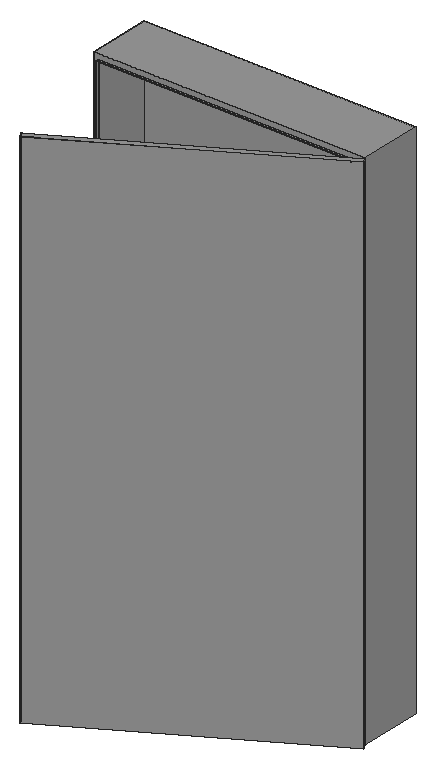
Revit family "Hager-Univers-IP44-D205-H1550-Cl.I-Encl-NoHosted-CH-fr", category Electrical Equipment, Revit 2020
Family settings
  Panel Configuration = Two Columns, Circuits Across
  Round Connector Dimension = Use Diameter
  Part Type = Panelboard
  Work Plane-Based = Yes
  Always vertical = Yes
  Cut with Voids When Loaded = No
  Shared = No
  Room Calculation Point = No
Parameters (values of type "saillie IP44 L800 H1550 P205  - FP03TN2")
  Width Control [instance] = if([EF000008 - largeur] > Min Width, [EF000008 - largeur], Min Width)  # 800 mm
  Type Comments = [HG000003 - Gamme]  # "Univers"
  Thickness Door [instance] = if([EF009171 - épaisseur de matériau de la porte/du couvercle] > 3 mm, 3 mm, [EF009171 - épaisseur de matériau de la porte/du couvercle])  # 1 mm
  Seal Frame Offset [instance] = 17 mm  # constant formula
  Plinth Visibility [instance] = [HG000027 - Hauteur du socle] > 0 mm  # no
  Min Width [instance] = 100 mm  # constant formula
  Min Depth [instance] = (2 * [EF009170 - épaisseur de matériau du boîtier]) + 1 mm  # 3 mm
  Min Height [instance] = 100 mm  # constant formula
  Internal Frame Depth [instance] = (Door System Depth * 0.5)  # 9 mm
  Panel Name [instance] = ""  # (empty or 0)
  Model = ""
  HG000027 - Hauteur du socle = 0 mm
  HG000026 - Installation au sol = no
  HG000024 - Hauteur de la section basse = 600 mm
  HG000023 - Armoire double section = no
  HG000016 - Visibilité de la porte 3D [instance] = yes
  HG000015 - Visibilité de l'emprise de la porte [instance] = no
  HG000014 - Porte à droite [instance] = yes
  HG000013 - Porte à gauche [instance] = not([HG000014 - Porte à droite])  # no
  HG000012 - Angle de pivotement de la porte [instance] = 30.00°
  HG000010 - Portes asymétriques = no
  HG000009 - Porte à double battant = no
  HG000006 - Encastré = no
  HG000004 - Référence fabricant = "FP03TN2"
  HG000003 - Gamme = "Univers"
  HG000002 - avec porte = yes
  Frame Offset Bottom [instance] = 10 mm  # constant formula
  Frame Offset [instance] = 15 mm  # constant formula
  EF015940 - couvercle avec décharge de pression = no
  EF011959 - degré de protection (NEMA) = ""
  EF009554 - nombre d'ouvertures pour plaques à bride = 6
  EF009212 - finition du couvercle = "EV000116 - fermé"
  EF009171 - épaisseur de matériau de la porte/du couvercle = 1 mm
  EF009170 - épaisseur de matériau du boîtier = 1 mm
  EF008873 - courant nominal (In) = 250 A
  EF007800 - adapté à un parafoudre = no
  EF006306 - avec serrure = no
  EF006244 - couvercle/porte transparent(e) = no
  EF005474 - indice de protection (IP) = "EV006418 - IP44"
  EF004464 - type de porte = "EV002646 - unique"
  EF004427 - nombre de modules = 360
  EF004293 - indice de protection contre les chocs (IK) = "EV006815 - IK09"
  EF003532 - convient pour utilisation à l’extérieur = no
  EF002950 - largeur en nombre de modules = 36
  EF001613 - maintien de fonction = "EV000494 - sans"
  EF001596 - matériau du boîtier/corps = "EV000179 - acier"
  EF001131 - profondeur intérieure = 205 mm
  EF001088 - possibilité de montage en saillie = yes
  EF000437 - nombre d'entrées de conduit = 6
  EF000339 - type de capot = "EV001012 - couvercle"
  EF000266 - nombre de rangées = 10
  EF000218 - profondeur d'encastrement = 205 mm
  EF000118 - avec cadre/support de montage = no
  EF000116 - numéro RAL = "9010"
  EF000049 - profondeur = 205 mm
  EF000040 - hauteur = 1550 mm
  EF000008 - largeur = 800 mm
  EF000007 - couleur = "EV000202 - blanc"
  EF000003 - mode de pose = "EV000384 - saillie"
  Door System Leaf Tolerance [instance] = 1.5 mm  # constant formula
  Door System Depth [instance] = 18 mm  # constant formula
  Door Height [instance] = Height Control - [HG000027 - Hauteur du socle]  # 1550 mm
  Description = ""
  Default Elevation = 1219.2 mm
  Connector Offset [instance] = Height Control / 2  # 775 mm
  Manufacturer = "Hager"  # constant formula
  Height Control [instance] = if([EF000040 - hauteur] > Min Height, [EF000040 - hauteur], Min Height)  # 1550 mm
  Depth Control [instance] = if([EF000049 - profondeur] > Min Depth, [EF000049 - profondeur], Min Depth)  # 205 mm
  Bottom Top Plate Trim [instance] = 1.5 mm  # constant formula
  Plinth height Ctrl [instance] = if([HG000027 - Hauteur du socle] > 0 mm, [HG000027 - Hauteur du socle], 12 mm)  # 12 mm
Types (5, lengths in mm): name | Width Control | HG000010 - Portes asymétriques | HG000009 - Porte à double battant | HG000004 - Référence fabricant | EF009554 - nombre d'ouvertures pour plaques à bride | EF008873 - courant nominal (In) | EF004464 - type de porte | EF004427 - nombre de modules | EF002950 - largeur en nombre de modules | EF000437 - nombre d'entrées de conduit | EF000008 - largeur
  saillie IP44 L1050 H1550 P205  - FP04TN2 | 1050 | no | yes | "FP04TN2" | 8 | 400 A | "EV003602 - double" | 480 | 48 | 8 | 1050
  saillie IP44 L1300 H1550 P205  - FP05TN2 | 1300 | yes | yes | "FP05TN2" | 10 | 400 A | "EV003602 - double" | 600 | 60 | 10 | 1300
  saillie IP44 L300 H1550 P205  - FP01TN2 | 300 | no | no | "FP01TN2" | 2 | 250 A | "EV002646 - unique" | 120 | 12 | 2 | 300
  saillie IP44 L550 H1550 P205  - FP02TN2 | 550 | no | no | "FP02TN2" | 4 | 250 A | "EV002646 - unique" | 240 | 24 | 4 | 550
  saillie IP44 L800 H1550 P205  - FP03TN2 | 800 | no | no | "FP03TN2" | 6 | 250 A | "EV002646 - unique" | 360 | 36 | 6 | 800
Reference planes
  plane 1 "Center (Front/Back)": y = 0
  plane 2: z = 0
  plane 3 "Center (Left/Right)": x = 0
  plane 4: y = 0
  plane 5: y = 0
  plane 6: z = 0
  plane 7: x = -400
  plane 8: x = 400
  plane 9: x = 399
  plane 10: x = -399
  plane 11: z = 0
  plane 12: z = 1
  plane 13: y = -205
  plane 14: y = -1
  plane 15: x = 0
  plane 16: y = -187
  plane 17: y = -204
  plane 18: y = -186
  plane 19: x = -384
  plane 20: x = 384
  plane 21: z = 11
  plane 22: x = -383
  plane 23: x = 383
  plane 24: z = 0
  plane 25: z = 1550
  plane 26: z = 1550
  plane 27: z = 1534
  plane 28: z = 1549
Forms (mm)
  Extrusion 1, solid, material "Hager_Steel_RAL7035_Light_Grey", detail levels medium+fine
    sketch origin (-208.679, -4572, 0) x (-1, 0, 0) y (0, -1, 0)
      loop
        line (191.321, -4385) -> (-608.679, -4385) -> (-608.679, -4572) -> (191.321, -4572) -> (191.321, -4385)
    from 0 to 1550
  Extrusion 2, void
    sketch origin (-350.771, -205, 1219.2) x (1, 0, 0) y (0, 0, 1)
      loop
        line (-48.229, 329.8) -> (-48.229, -1218.2) -> (749.771, -1218.2) -> (749.771, 329.8) -> (-48.229, 329.8)
    from -19 to -204
  Extrusion 3, void
    sketch origin (-290.084, -187, 1219.2) x (1, 0, 0) y (0, 0, 1)
      loop
        line (-93.916, -1208.2) -> (674.084, -1208.2) -> (674.084, 314.8) -> (-93.916, 314.8) -> (-93.916, -1208.2)
    from 0 to -1
  Extrusion 4, solid, material "Hager_Steel_RAL7035_Light_Grey", visible <- "Plinth Visibility", detail levels medium+fine
    sketch origin (0, 0, 0) x (1, 0, 0) y (0, 1, 0)
      loop
        line (-400, 0) -> (-400, -187) -> (400, -187) -> (400, 0) -> (-400, 0)
    from 0 to 12 <- "Plinth height Ctrl"
  Extrusion 5, solid, material "Hager_Steel_RAL7035_Light_Grey", detail levels coarse
    sketch origin (0, 0, 0) x (1, 0, 0) y (0, 1, 0)
      loop
        line (-400, 0) -> (-400, -205) -> (400, -205) -> (400, 0) -> (-400, 0)
    from 0 to 1550 <- "Height Control"
  Sweep 6, void
    path in 3D
      loop
        line (-400, -187, 12) -> (400, -187, 12) -> (400, 0, 12) -> (-400, 0, 12) -> (-400, -187, 12)
    profile origin (-400, -93.5, 12) x (1, 0, 0) y (0, 0, 1)
      loop
        line (0, 0) -> (0, -1.5) -> (1.5, -1.5)
        arc (1.5, -1.5) -> (1.061, -0.439) -> (0, 0) r 1.5
  Extrusion 7, solid, material "Hager_Steel_RAL7035_Light_Grey", detail levels fine
    sketch origin (-400, -187, 0) x (1, 0, 0) y (0, 0, 1)
      loop
        line (16, 11) -> (784, 11) -> (784, 1534) -> (16, 1534) -> (16, 11)
      loop
        line (15, 10) -> (785, 10) -> (785, 1535) -> (15, 1535) -> (15, 10)
    from 0 to 9 <- "Internal Frame Depth"
Cuts and joins
  Extrusion 2, Extrusion 3 cuts Extrusion 1
  Sweep 6 cuts Extrusion 4
Lines and regions (mm)
  Masking region 1
    outline origin (0, 0, 0) x (1, 0, 0) y (0, 1, 0)
      loop
        line (-400, 0) -> (-400, -205) -> (400, -205) -> (400, 0) -> (-400, 0)
  Masking region 2, detail levels coarse
    outline origin (-290.084, -187, 1219.2) x (-1, 0, 0) y (0, 0, 1)
      loop
        line (-690.084, -1219.2) -> (109.916, -1219.2) -> (109.916, 330.8) -> (-690.084, 330.8) -> (-690.084, -1219.2)
  Masking region 3, detail levels coarse
    outline origin (0, 0, 0) x (0, 1, 0) y (0, 0, 1)
      loop
        line (0, 0) -> (0, 1550) -> (-205, 1550) -> (-205, 0) -> (0, 0)
  Masking region 4, visible <- "Plinth Visibility", detail levels medium+fine
    outline origin (0, 0, 0) x (0, 1, 0) y (0, 0, 1)
      loop
        line (-1.5, 12) -> (-185.5, 12)
        arc (-185.5, 12) -> (-185.939, 10.939) -> (-187, 10.5) r 1.5
        line (-187, 10.5) -> (-187, 0) -> (0, 0) -> (0, 10.5)
        arc (0, 10.5) -> (-1.061, 10.939) -> (-1.5, 12) r 1.5
  Masking region 5, detail levels medium+fine
    outline origin (0, 0, 594.038) x (0, 1, 0) y (0, 0, 1)
      loop
        line (0, -594.038) -> (0, 955.962) -> (-187, 955.962) -> (-187, -594.038) -> (0, -594.038)
  Masking region 6, detail levels medium+fine
    outline origin (-359.7, -187, 1211.883) x (-1, 0, 0) y (0, 0, 1)
      loop
        line (-759.7, -1211.883) -> (40.3, -1211.883) -> (40.3, 338.117) -> (-759.7, 338.117) -> (-759.7, -1211.883)
  Masking region 7, visible <- "Plinth Visibility", detail levels medium+fine
    outline origin (-320.334, -187, 1041.368) x (-1, 0, 0) y (0, 0, 1)
      loop
        line (-720.334, -1041.368) -> (79.666, -1041.368) -> (79.666, -1030.868)
        arc (79.666, -1030.868) -> (78.606, -1030.429) -> (78.166, -1029.368) r 1.5
        line (78.166, -1029.368) -> (-718.834, -1029.368)
        arc (-718.834, -1029.368) -> (-719.273, -1030.429) -> (-720.334, -1030.868) r 1.5
        line (-720.334, -1030.868) -> (-720.334, -1041.368)
  sketch lines
    curve 1: line (-400, 0, 12) -> (-400, -187, 12)
    curve 2: line (-400, -187, 12) -> (400, -187, 12)
    curve 3: line (400, 0, 12) -> (-400, 0, 12)
    curve 4: line (400, -187, 12) -> (400, 0, 12)
Dimensions and locks
  locked: plane 1 "Center (Front/Back)" to plane 5
  "EF009170 - épaisseur de matériau du boîtier": plane 7 to plane 10
  "EF009170 - épaisseur de matériau du boîtier": plane 8 to plane 9
  equal spacing: plane 7, plane 3 "Center (Left/Right)", plane 8
  "Width Control": plane 7 to plane 8
  "Depth Control": plane 4 to plane 13
  "EF009170 - épaisseur de matériau du boîtier": plane 4 to plane 14
  "Height Control": plane 25 to level
  "HG000027 - Hauteur du socle": plane 11 to level
  "EF009170 - épaisseur de matériau du boîtier": plane 12 to plane 11
  "EF009170 - épaisseur de matériau du boîtier": plane 17 to plane 13
  "EF009170 - épaisseur de matériau du boîtier": plane 18 to plane 16
  "Frame Offset Bottom": plane 21 to plane 12
  "Frame Offset": plane 10 to plane 19
  "Frame Offset": plane 9 to plane 20
  "Door System Depth": plane 16 to plane 13
  "Seal Frame Offset": plane 7 to plane 22
  "Seal Frame Offset": plane 8 to plane 23
  "EF009170 - épaisseur de matériau du boîtier": plane 26 to plane 28
  "Frame Offset": plane 28 to plane 27
  "Connector Offset": plane 2 to connector elem
  "Bottom Top Plate Trim": profile plane to Sweep 6 sketch curve
  "Bottom Top Plate Trim": Sweep 6 sketch curve to Sweep 6 sketch curve
  "Plinth height Ctrl": Masking region 4 sketch curve to level
  "Plinth height Ctrl": Masking region 7 sketch curve to level
  "Thickness Door": Extrusion 7 sketch curve to Extrusion 7 sketch curve  (x4)
  "Bottom Top Plate Trim": radius of Sweep 6 sketch curve
  "Bottom Top Plate Trim": radius of Masking region 4 sketch curve  (x2)
  "Bottom Top Plate Trim": radius of Masking region 7 sketch curve  (x2)
  aligned and locked: Extrusion 2 sketch curve to plane 12
  aligned and locked: Extrusion 2 sketch curve to plane 9
  aligned and locked: Extrusion 2 sketch curve to plane 10
  aligned and locked: Extrusion 2 to plane 14
  aligned and locked: Extrusion 1 sketch curve to plane 4
  aligned and locked: plane 8 to Extrusion 1 sketch curve
  aligned and locked: plane 7 to Extrusion 1 sketch curve
  aligned and locked: Extrusion 2 to plane 18
  aligned and locked: Extrusion 3 sketch curve to plane 19
  aligned and locked: plane 20 to Extrusion 3 sketch curve
  aligned and locked: Extrusion 3 to Extrusion 2
  aligned and locked: Extrusion 3 sketch curve to plane 21
  aligned and locked: plane 3 "Center (Left/Right)" to nested 1
  aligned and locked: Extrusion 1 sketch curve to plane 16
  aligned and locked: Extrusion 4 sketch curve to cut or joined group of Extrusion 1, Extrusion 2, Extrusion 3
  aligned and locked: Masking region 1 sketch curve to plane 7
  aligned and locked: Masking region 1 sketch curve to plane 5
  aligned and locked: Masking region 1 sketch curve to plane 8
  aligned and locked: Masking region 2 sketch curve to level
  aligned and locked: level to Masking region 3 sketch curve
  aligned and locked: plane 1 "Center (Front/Back)" to Masking region 3 sketch curve
  aligned and locked: plane 13 to Masking region 3 sketch curve
  aligned and locked: plane 5 to Masking region 4 sketch curve
  aligned and locked: Masking region 2 sketch curve to plane 8
  aligned and locked: Masking region 2 sketch curve to plane 7
  aligned and locked: plane 7 to nested 2
  aligned and locked: nested 2 to plane 5
  aligned and locked: plane 5 to Masking region 5 sketch curve
  aligned and locked: plane 26 to Masking region 5 sketch curve
  aligned and locked: Extrusion 5 sketch curve to plane 8
  aligned and locked: Extrusion 5 sketch curve to plane 7
  aligned and locked: Extrusion 5 sketch curve to plane 5
  aligned and locked: Extrusion 3 sketch curve to plane 27
  aligned and locked: Extrusion 2 sketch curve to plane 28
  aligned and locked: Masking region 2 to plane 25
  aligned and locked: Extrusion 4 to plane 16
  aligned and locked: profile plane to Sweep 6 sketch curve
  aligned and locked: Masking region 5 sketch curve to plane 24
  aligned and locked: level to Masking region 4 sketch curve
  aligned and locked: Masking region 1 to plane 13
  aligned and locked: nested 1 to plane 16
  aligned and locked: Masking region 3 to plane 25
  aligned and locked: plane 16 to Masking region 4 sketch curve
  aligned and locked: Masking region 5 sketch curve to plane 16
  aligned and locked: plane 24 to plane 11
  aligned and locked: plane 26 to plane 25
  aligned and locked: plane 26 to cut or joined group of Extrusion 1, Extrusion 2, Extrusion 3
  aligned and locked: nested 1 to plane 24
  aligned and locked: Extrusion 1 to Extrusion 3
  aligned and locked: Masking region 6 sketch curve to plane 8
  aligned and locked: Masking region 6 sketch curve to plane 24
  aligned and locked: Masking region 6 sketch curve to plane 7
  aligned and locked: Masking region 6 sketch curve to plane 26
  aligned and locked: Masking region 7 sketch curve to plane 7
  aligned and locked: level to Masking region 7 sketch curve
  aligned and locked: Masking region 7 sketch curve to plane 8
  aligned and locked: Extrusion 7 sketch curve to cut or joined group of Extrusion 1, Extrusion 2, Extrusion 3  (x4)
Automatic sketch dimensions
  plane 19 to Extrusion 3 sketch curve = 0 mm
  Extrusion 3 sketch curve to plane 20 = 0 mm
  Extrusion 3 sketch curve to plane 21 = 0 mm
  Extrusion 4 sketch curve to plane 7 = 0 mm
  Extrusion 4 sketch curve to plane 8 = 0 mm
  Extrusion 4 sketch curve to plane 16 = 0 mm
  Masking region 1 sketch curve to plane 13 = 0 mm
  Masking region 2 sketch curve to plane 25 = 0 mm
  Masking region 3 sketch curve to plane 25 = 0 mm
  Extrusion 5 sketch curve to plane 13 = 0 mm
  profile plane to Sweep 6 sketch curve = 0 mm
Nested families
  nested 1: "EC000058_Univers_Door" at (0, -187, 0), Double <- "HG000009 - Porte à double battant", Transparent <- "EF006244 - couvercle/porte transparent(e)", Angle <- "HG000012 - Angle de pivotement de la porte", Door_Right <- "HG000014 - Porte à droite", Assymetrical <- "HG000010 - Portes asymétriques", Door <- "HG000002 - avec porte", Width_Ctrl <- "Width Control", 3d_Door <- "HG000016 - Visibilité de la porte 3D", Clearance <- "HG000015 - Visibilité de l'emprise de la porte", Door_Left <- "HG000013 - Porte à gauche", Width <- "Width Control", Door_Depth <- "Door System Depth", Leaf_Tolerance <- "Door System Leaf Tolerance", Height <- "Door Height", Lock_Visibility <- "EF006306 - avec serrure", Thickness <- "Thickness Door", type "EC000058_Univers_Door", detail levels medium+fine
    with min_wh 3 mm, Width_Ctrl 800 mm, Width 800 mm, Transparent no, Thickness 1 mm, Seal_Material Hager_Rubber, Lock_Visibility no, Lock_Material Hager_Plastic_RAL9005_Jet_Black, Leaf_Width 800 mm, Leaf_Tolerance_External_Sides 0 mm, Leaf_Tolerance 1.5 mm, Leaf_Offset 0 mm, Leaf_Height 1547 mm, Leaf_2_Width 800 mm, Leaf_2_Offset 400 mm, Leaf_1_Width 800 mm, Leaf_1_Offset 400 mm, Height_Ctrl 1550 mm, Height 1550 mm, Glass_Material Hager_Glass, Double_Clearance_Ctrl no, Double no, Door_Right_Ctrl yes, Door_Right yes, Door_Material Hager_Steel_RAL7035_Light_Grey, Door_Left_Ctrl no, Door_Left no, Door_Depth 18 mm, Door yes, Clearance_Material Hager_Clearance, Clearance_Depth 800 mm, Clearance_Ctrl no, Clearance no, Assymetrical no, Angle 30.00°, 3d_Door yes
  nested 2: "Hager_Enclosure_Symbol" at (-400, 0, 0), Height <- "Depth Control", Width <- "Width Control", type "Hager_Enclosure_Symbol"
    with Width_Ctrl 800 mm, Width 800 mm, Height_Ctrl 205 mm, Height 205 mm, A_Width_Int 13.453 mm, A_Width 161.438 mm, A_Height_Ctrl 179.375 mm, A_Height 179.375 mm
Connectors
  electrical at (0, 0, 775)
    settings: on plane 1 "Center (Front/Back)", index 1, voltage 0 V, apparent load 0 VA, apparent load phase1 0 VA, apparent load phase2 0 VA, apparent load phase3 0 VA, power factor 1, load classification "Other", number of poles 1, system type 30, power factor state 1, is connector primary yes, connector utility no, sub classification motor no, connector description ""
Definition of nested family "EC000058_Univers_Door"
  Parameters (values of type "EC000058_Univers_Door")
    min_wh [instance] = (2 * Thickness) + 1 mm  # 11 mm
    Width_Ctrl [instance] = 400 mm
    Width [instance] = 500 mm
    Transparent [instance] = yes
    Thickness [instance] = 5 mm
    Seal_Material [instance] = none
    Lock_Visibility [instance] = yes
    Lock_Material [instance] = none
    Leaf_Width [instance] = if((Width_Ctrl - 2 * Leaf_Tolerance_External_Sides) > 0 mm, (Width_Ctrl - 2 * Leaf_Tolerance_External_Sides), min_wh)  # 400 mm
    Leaf_Tolerance_External_Sides [instance] = 0 mm  # constant formula
    Leaf_Tolerance [instance] = 1.5 mm
    Leaf_Offset [instance] = 0 mm  # constant formula
    Leaf_Height [instance] = if((Height_Ctrl - 2 * Leaf_Tolerance) > 0 mm, (Height_Ctrl - 2 * Leaf_Tolerance), min_wh)  # 497 mm
    Leaf_2_Width [instance] = if(and(and(Double, Assymetrical), Door_Left), (Leaf_Width / 3) - (Leaf_Tolerance / 2), if(and(and(Double, Assymetrical), Door_Right), (Leaf_Width / 3) * 2 - (Leaf_Tolerance / 2), if(and(Double, not(Assymetrical)), (Leaf_Width / 2) - Leaf_Tolerance, Leaf_Width)))  # 400 mm
    Leaf_2_Offset [instance] = if(and(Double, Assymetrical), Leaf_2_Width / 2, if(and(Double, not(Assymetrical)), Leaf_Width / 4, Leaf_Width / 2))  # 200 mm
    Leaf_1_Width [instance] = if(and(and(Double, Assymetrical), Door_Right), (Leaf_Width / 3) - (Leaf_Tolerance / 2), if(and(and(Double, Assymetrical), Door_Left), (Width / 3) * 2 - (Leaf_Tolerance / 2), if(and(Double, not(Assymetrical)), (Leaf_Width / 2) - Leaf_Tolerance, Leaf_Width)))  # 400 mm
    Leaf_1_Offset [instance] = if(and(Double, Assymetrical), Leaf_1_Width / 2, if(and(Double, not(Assymetrical)), Leaf_Width / 4, Leaf_Width / 2))  # 200 mm
    Height_Ctrl [instance] = if(Height > min_wh, Height, min_wh)  # 500 mm
    Height [instance] = 500 mm
    Glass_Material [instance] = none
    Double_Clearance_Ctrl [instance] = and(Double, Clearance)  # no
    Double [instance] = no
    Door_Right_Ctrl [instance] = and(or(Door_Right, Double), Door)  # yes
    Door_Right [instance] = yes
    Door_Material [instance] = none
    Door_Left_Ctrl [instance] = and(or(Door_Left, Double), Door)  # no
    Door_Left [instance] = no
    Door_Depth [instance] = 30 mm
    Door [instance] = yes
    Default Elevation = 1219.2 mm
    Clearance_Material [instance] = none
    Clearance_Depth [instance] = if(Leaf_1_Width > Leaf_2_Width, Leaf_1_Width, Leaf_2_Width)  # 400 mm
    Clearance_Ctrl [instance] = and(not(Double), Clearance)  # yes
    Clearance [instance] = yes
    Assymetrical [instance] = yes
    Angle [instance] = 30.00°
    3d_Door [instance] = yes
  Reference planes
    plane 1 "Center (Front/Back)": y = 0
    plane 2 "Bottom": z = 0
    plane 3 "Center (Left/Right)": x = 0
    plane 4: z = 500
    plane 5: x = -200
    plane 6: x = 200
    plane 7: z = 500
    plane 8: x = -200
    plane 9: z = 0
    plane 10: x = 200
    plane 11: y = 0
    plane 12: z = 1.5
    plane 13: x = -600
    plane 14: y = -400
    plane 15: x = 600
    plane 16: x = 0
    plane 17: x = 0
    plane 18: x = -200
    plane 19: x = 200
    plane 20: z = 498.5
  Forms (mm)
    Extrusion 1, solid, material <- "Clearance_Material", visible <- "Double_Clearance_Ctrl"
      sketch origin (1200, 0, 0) x (1, 0, 0) y (0, 0, -1)
        loop
          line (-1800, -498.5) -> (-600, -498.5) -> (-600, 0) -> (-1800, 0) -> (-1800, -498.5)
      from 0 to -400
  Dimensions and locks
    equal spacing: plane 5, plane 3 "Center (Left/Right)", plane 6
    "Width_Ctrl": plane 5 to plane 6
    "Leaf_Offset": plane 5 to plane 8
    "Leaf_Offset": plane 6 to plane 10
    "Leaf_Offset": plane 9 to level
    "Leaf_Offset": plane 4 to plane 7
    "Height_Ctrl": plane 4 to level
    "Leaf_Tolerance": plane 12 to plane 9
    locked: plane 11 to plane 1 "Center (Front/Back)"
    "Leaf_1_Offset": plane 18 to plane 16
    "Leaf_2_Offset": plane 17 to plane 19
    "Leaf_1_Width": plane 13 to plane 8
    "Leaf_2_Width": plane 10 to plane 15
    "Clearance_Depth": plane 14 to plane 1 "Center (Front/Back)"
    "Leaf_Tolerance_External_Sides": plane 8 to plane 18
    "Leaf_Tolerance_External_Sides": plane 19 to plane 10
    "Leaf_Tolerance": plane 7 to plane 20
    aligned and locked: level to plane 2 "Bottom"
    aligned and locked: nested 1 to plane 16
    aligned and locked: nested 2 to plane 17
    aligned and locked: Extrusion 1 to plane 13
    aligned and locked: plane 15 to Extrusion 1
    aligned and locked: Extrusion 1 to plane 14
    aligned and locked: plane 12 to nested 1
    aligned and locked: nested 2 to plane 12
    aligned and locked: Extrusion 1 to plane 11
    aligned and locked: plane 20 to Extrusion 1
    aligned and locked: nested 2 to plane 11
    aligned and locked: nested 1 to plane 11
  Automatic sketch dimensions
    Extrusion 1 sketch curve to level = 0 mm
    plane 5 to Extrusion 1 sketch curve = 400 mm
    plane 6 to Extrusion 1 sketch curve = 400 mm
    Extrusion 1 sketch curve to plane 4 = 1.5 mm
  Nested families
    nested 1: "EC000058_Univers_Door_Leaf" at (0, 0, 1.5), Width <- "Leaf_1_Width", visible <- "Door_Left_Ctrl", Leaf_Height <- "Leaf_Height", Angle <- "Angle", 3d_Door <- "3d_Door", Transparent <- "Transparent", Clearance Material <- "Clearance_Material", Clearance <- "Clearance_Ctrl", Door_Material <- "Door_Material", Glass_Material <- "Glass_Material", Door_Depth <- "Door_Depth", Lock_Material <- "Lock_Material", Seal_Material <- "Seal_Material", Lock_Visibility <- "Lock_Visibility", Thickness <- "Thickness", type "EC000058_Univers_Door_Leaf"
      with Width 400 mm, Transparent_Glass_Offset 30 mm, Transparent_Ctrl yes, Transparent yes, Thickness 5 mm, Standard no, Seal_Material none, Seal_D2 8 mm, Seal_D1 1 mm, Offset_Internal_Frame 10 mm, Lock_Width 20 mm, Lock_Visibility_3d yes, Lock_Visibility yes, Lock_Thickness_3 3 mm, Lock_Thickness_2 1 mm, Lock_Thickness_1 3 mm, Lock_Radius_Offset_2 16 mm, Lock_Radius_Offset_1 15 mm, Lock_Radius_2 5 mm, Lock_Radius 6 mm, Lock_Offset 5 mm, Lock_Material none, Lock_Height 80 mm, Lock_Cover_Top_Offset_2d 17 mm, Lock_Cover_Height -65 mm, Leaf_Height 497 mm, Internal_Seal_Thickness 8 mm, Internal_Seal_Depth_2 4.5 mm, Internal_Frame_Depth 25 mm, Glass_Thickness -1 mm, Glass_Offset -2 mm, Glass_Material none, Door_Material none, Door_Depth 30 mm, Clearance Material none, Clearance yes, Angle_Ctrl 30.00°, Angle 30.00°, 3d_Door yes
    nested 2: "EC000058_Univers_Door_Leaf" at (0, 0, 1.5) x (-1, 0, 0) z (0, 0, 1), Width <- "Leaf_2_Width", visible <- "Door_Right_Ctrl", Leaf_Height <- "Leaf_Height", Angle <- "Angle", 3d_Door <- "3d_Door", Transparent <- "Transparent", Clearance Material <- "Clearance_Material", Clearance <- "Clearance_Ctrl", Door_Material <- "Door_Material", Glass_Material <- "Glass_Material", Door_Depth <- "Door_Depth", Lock_Material <- "Lock_Material", Seal_Material <- "Seal_Material", Lock_Visibility <- "Lock_Visibility", Thickness <- "Thickness", type "EC000058_Univers_Door_Leaf"
      with Width 400 mm, Transparent_Glass_Offset 30 mm, Transparent_Ctrl yes, Transparent yes, Thickness 5 mm, Standard no, Seal_Material none, Seal_D2 8 mm, Seal_D1 1 mm, Offset_Internal_Frame 10 mm, Lock_Width 20 mm, Lock_Visibility_3d yes, Lock_Visibility yes, Lock_Thickness_3 3 mm, Lock_Thickness_2 1 mm, Lock_Thickness_1 3 mm, Lock_Radius_Offset_2 16 mm, Lock_Radius_Offset_1 15 mm, Lock_Radius_2 5 mm, Lock_Radius 6 mm, Lock_Offset 5 mm, Lock_Material none, Lock_Height 80 mm, Lock_Cover_Top_Offset_2d 17 mm, Lock_Cover_Height -65 mm, Leaf_Height 497 mm, Internal_Seal_Thickness 8 mm, Internal_Seal_Depth_2 4.5 mm, Internal_Frame_Depth 25 mm, Glass_Thickness -1 mm, Glass_Offset -2 mm, Glass_Material none, Door_Material none, Door_Depth 30 mm, Clearance Material none, Clearance yes, Angle_Ctrl 30.00°, Angle 30.00°, 3d_Door yes
  Definition of nested family "EC000058_Univers_Door_Leaf"
    Parameters (values of type "EC000058_Univers_Door_Leaf")
      Width [instance] = 2000 mm
      Transparent_Glass_Offset [instance] = 30 mm
      Transparent_Ctrl [instance] = and(Transparent, [3d_Door])  # yes
      Transparent [instance] = yes
      Thickness [instance] = 5 mm
      Standard [instance] = and(not(Transparent), [3d_Door])  # no
      Seal_Material [instance] = none
      Seal_D2 [instance] = 8 mm  # constant formula
      Seal_D1 [instance] = 1 mm  # constant formula
      Offset_Internal_Frame [instance] = 10 mm  # constant formula
      Lock_Width [instance] = 20 mm  # constant formula
      Lock_Visibility_3d [instance] = and(Lock_Visibility, [3d_Door])  # yes
      Lock_Visibility [instance] = yes
      Lock_Thickness_3 [instance] = 3 mm  # constant formula
      Lock_Thickness_2 [instance] = 1 mm  # constant formula
      Lock_Thickness_1 [instance] = 3 mm  # constant formula
      Lock_Radius_Offset_2 [instance] = Lock_Radius_Offset_1 + 1 mm  # 16 mm
      Lock_Radius_Offset_1 [instance] = 15 mm  # constant formula
      Lock_Radius_2 [instance] = Lock_Radius - 1 mm  # 5 mm
      Lock_Radius [instance] = 6 mm  # constant formula
      Lock_Offset [instance] = 5 mm  # constant formula
      Lock_Material [instance] = none
      Lock_Height [instance] = 80 mm  # constant formula
      Lock_Cover_Top_Offset_2d [instance] = Lock_Radius_Offset_2 + 1 mm  # 17 mm
      Lock_Cover_Height [instance] = -(Lock_Height - Lock_Radius_Offset_1)  # -65 mm
      Leaf_Height [instance] = 2720.336 mm
      Internal_Seal_Thickness [instance] = 8 mm  # constant formula
      Internal_Seal_Depth_2 [instance] = 4.5 mm  # constant formula
      Internal_Frame_Depth [instance] = if(Door_Depth - Thickness > 5 mm, Door_Depth - Thickness, 5 mm)  # 25 mm
      Glass_Thickness [instance] = if(Thickness > 15 mm, Glass_Offset + 10 mm, -1 mm)  # -1 mm
      Glass_Offset [instance] = if(Thickness > 15 mm, -(Thickness + 10 mm) / 2, -2 mm)  # -2 mm
      Glass_Material [instance] = none
      Door_Material [instance] = none
      Door_Depth [instance] = 30 mm
      Default Elevation = 0 mm
      Clearance Material [instance] = none
      Clearance [instance] = yes
      Angle_Ctrl [instance] = if(Angle > 180.00°, 180.00°, Angle)  # 90.00°
      Angle [instance] = 90.00°
      3d_Door [instance] = yes
    Reference planes
      plane 1 "Center (Front/Back)": y = 0
      plane 2: z = 0
      plane 3 "Center (Left/Right)": x = 0
      plane 4: y = 2000
      plane 5: x = -1000
      plane 6: x = 1000
      plane 7: x = -3000
      plane 8: z = 2720.336
      plane 9: z = 30
      plane 10: z = 2690.336
      plane 11: x = 970
      plane 12: x = -970
      plane 13: y = -3
      plane 14: z = 107.833
      plane 15: y = -5
      plane 16: y = -223.314
      plane 17: x = -1000
      plane 18: z = 1360.168
      plane 19: y = 30
    Forms (mm)
      Extrusion 1, solid, material <- "Clearance Material", visible <- "Clearance"
        sketch origin (0, 0, 0) x (1, 0, 0) y (0, 0, 1)
          loop
            line (-3000, 2720.336) -> (-3000, 0) -> (1000, 0) -> (1000, 2720.336) -> (-3000, 2720.336)
        from 0 to -2000
      Extrusion 2, solid, material <- "Door_Material", visible <- "Standard", detail levels medium+fine
        sketch origin (-1000, 0, 0) x (0, 1, 0) y (-1, 0, 0)
          loop
            line (0, 30) -> (0, 25) -> (2000, 25) -> (2000, 30) -> (0, 30)
        from 0 to 2720.336 <- "Leaf_Height"
      Extrusion 3, solid, material <- "Door_Material", visible <- "Transparent_Ctrl", detail levels medium+fine
        sketch origin (-1000, 0, 0) x (0, 1, 0) y (-1, 0, 0)
          loop
            line (0, 25) -> (2000, 25) -> (2000, 30) -> (0, 30) -> (0, 25)
        from 0 to 2720.336 <- "Leaf_Height"
      Extrusion 4, void
        sketch origin (-1025, 2000, 0) x (0, 1, 0) y (0, 0, -1)
          loop
            line (-30, -2690.336) -> (-30, -30) -> (-1970, -30) -> (-1970, -2690.336) -> (-30, -2690.336)
        from 0 to 5 <- "Thickness"
      Sweep 5, solid, material <- "Seal_Material", visible <- "Transparent_Ctrl", detail levels fine
        path in 3D
          loop
            line (-1025, 30, 30) -> (-1025, 30, 2690.336) -> (-1025, 1970, 2690.336) -> (-1025, 1970, 30) -> (-1025, 30, 30)
        profile origin (-1025, 1000, 30) x (1, 0, 0) y (0, 0, 1)
          loop
            line (0, 0) -> (0, -8) -> (1, -8) -> (1, 0) -> (0, 0)
      Extrusion 6, solid, material <- "Glass_Material", visible <- "Transparent_Ctrl", detail levels medium+fine
        sketch origin (-1030, 0, 0) x (0, 1, 0) y (0, 0, -1)
          loop
            line (1970, -2690.336) -> (1970, -30) -> (30, -30) -> (30, -2690.336) -> (1970, -2690.336)
        from -2 <- "Glass_Offset" to -1 <- "Glass_Thickness"
      Extrusion 7, solid, material <- "Door_Material", visible <- "3d_Door", detail levels medium+fine
        sketch origin (-1025, 2000, 0) x (0, -1, 0) y (0, 0, -1)
          loop
            line (0, -2720.336) -> (2000, -2720.336) -> (2000, 0) -> (0, 0) -> (0, -2720.336)
          loop
            line (1995, -5) -> (5, -5) -> (5, -2715.336) -> (1995, -2715.336) -> (1995, -5)
        from 0 to 25 <- "Internal_Frame_Depth"
      Sweep 8, solid, material <- "Seal_Material", visible <- "Transparent_Ctrl", detail levels fine
        path in 3D
          loop
            line (-1025, 0, 0) -> (-1025, 2000, 0) -> (-1025, 2000, 2720.336) -> (-1025, 0, 2720.336) -> (-1025, 0, 0)
        profile origin (-1025, 0, 1360.168) x (1, 0, 0) y (0, 1, 0)
          loop
            line (0, 10) -> (2.975, 10)
            arc (2.975, 10) -> (4.053, 10.447) -> (4.5, 11.525) r 1.525
            line (4.5, 11.525) -> (4.5, 16.527)
            arc (4.5, 16.527) -> (4.069, 17.569) -> (3.027, 18) r 1.473
            line (3.027, 18) -> (0, 18) -> (0, 10)
      Extrusion 9, solid, material <- "Lock_Material", visible <- "Lock_Visibility_3d", detail levels fine
        sketch origin (-1030, 0, 0) x (0, 1, 0) y (0, 0, -1)
          loop
            arc (1993.5, -1400.168) -> (1994.561, -1399.729) -> (1995, -1398.668) r 1.5
            line (1995, -1398.668) -> (1995, -1320.168) -> (1975, -1320.168) -> (1975, -1398.668)
            arc (1975, -1398.668) -> (1975.439, -1399.729) -> (1976.5, -1400.168) r 1.5
            line (1976.5, -1400.168) -> (1993.5, -1400.168)
        from 3 <- "Lock_Thickness_1" to 0
      Blend 10, solid, material <- "Lock_Material", visible <- "Lock_Visibility_3d", detail levels fine
        base sketch origin (-1033, 0, 0) x (0, 1, 0) y (0, 0, -1)
          loop
            line (1975, -1320.168) -> (1975, -1398.668)
            arc (1975, -1398.668) -> (1975.439, -1399.729) -> (1976.5, -1400.168) r 1.5
            line (1976.5, -1400.168) -> (1993.5, -1400.168)
            arc (1993.5, -1400.168) -> (1994.561, -1399.729) -> (1995, -1398.668) r 1.5
            line (1995, -1398.668) -> (1995, -1320.168) -> (1975, -1320.168)
        top sketch origin (-1033, 0, 0) x (0, 1, 0) y (0, 0, -1)
          loop
            line (1976, -1320.168) -> (1976, -1398.668)
            arc (1976, -1398.668) -> (1976.146, -1399.022) -> (1976.5, -1399.168) r 0.5
            line (1976.5, -1399.168) -> (1993.5, -1399.168)
            arc (1993.5, -1399.168) -> (1993.854, -1399.022) -> (1994, -1398.668) r 0.5
            line (1994, -1398.668) -> (1994, -1320.168) -> (1976, -1320.168)
        from 0 to 1 <- "Lock_Thickness_2"
      Blend 11, solid, material <- "Lock_Material", visible <- "Lock_Visibility_3d", detail levels fine
        base sketch origin (-1034, 0, 0) x (0, 1, 0) y (0, 0, -1)
          loop
            line (1978, -1320.168) -> (1978, -1384.168)
            arc (1978, -1384.168) -> (1985, -1391.168) -> (1992, -1384.168) r 7
            line (1992, -1384.168) -> (1992, -1320.168) -> (1978, -1320.168)
        top sketch origin (-1034, 0, 0) x (0, 1, 0) y (0, 0, -1)
          loop
            line (1991, -1320.168) -> (1979, -1320.168) -> (1979, -1383.168)
            arc (1979, -1383.168) -> (1985, -1389.168) -> (1991, -1383.168) r 6
            line (1991, -1383.168) -> (1991, -1320.168)
        from 0 to 3 <- "Lock_Thickness_3"
      Extrusion 12, solid, material <- "Lock_Material", visible <- "Lock_Visibility_3d", detail levels fine
        sketch origin (-1030, 1975, 1320.168) x (1, 0, 0) y (0, -1, 0)
          loop
            line (-7, -19) -> (-7, -1) -> (0, -1) -> (0, 0) -> (-8, 0) -> (-8, -20) -> (0, -20) -> (0, -19) -> (-7, -19)
        from 0 to -65 <- "Lock_Cover_Height"
      Extrusion 13, void
        sketch origin (-1038, 1995, 1320.168) x (-1, 0, 0) y (0, 0, -1)
          loop
            line (-5, -65) -> (0, -65) -> (-5, -60) -> (-5, -65)
        from 0 to 20 <- "Lock_Width"
      Extrusion 14, void
        sketch origin (-1038, 1975, 1320.168) x (0, -1, 0) y (0, 0, -1)
          loop
            circle (-10, -15.995) r 6
          loop
            circle (-10, -15.995) r 5
        from 0 to 2
      Extrusion 15, solid, material <- "Lock_Material", visible <- "Lock_Visibility_3d", detail levels medium
        sketch origin (-1030, 0, 0) x (0, 1, 0) y (0, 0, -1)
          loop
            arc (1993.5, -1400.168) -> (1994.561, -1399.729) -> (1995, -1398.668) r 1.5
            line (1995, -1398.668) -> (1995, -1320.168) -> (1975, -1320.168) -> (1975, -1398.668)
            arc (1975, -1398.668) -> (1975.439, -1399.729) -> (1976.5, -1400.168) r 1.5
            line (1976.5, -1400.168) -> (1993.5, -1400.168)
        from 8 to 0
    Cuts and joins
      Extrusion 4 cuts Extrusion 3
      Extrusion 13, Extrusion 14 cuts Extrusion 9
      Extrusion 14 cuts Blend 11
      Extrusion 13, Extrusion 14 cuts Extrusion 12
      joined: Extrusion 9, Blend 10, Blend 11, Extrusion 12
      Extrusion 14 cuts Extrusion 15
    Lines and regions (mm)
      Masking region 1, visible <- "Lock_Visibility", detail levels fine
        outline origin (0, 0, 0) x (0, 1, 0) y (0, 0, 1)
          loop
            line (30, 1320.168) -> (33, 1320.168) -> (33, 1400.168) -> (30, 1400.168) -> (30, 1320.168)
      Masking region 2, visible <- "Lock_Visibility", detail levels fine
        outline origin (0, 3.143, 0) x (0, 1, 0) y (0, 0, 1)
          loop
            line (29.857, 1354.168) -> (30.857, 1354.168) -> (30.857, 1366.168) -> (29.857, 1366.168) -> (29.857, 1354.168)
      Masking region 3, detail levels medium+fine
        outline origin (0, 0, 0) x (0, 1, 0) y (0, 0, 1)
          loop
            line (0, 0) -> (30, 0) -> (30, 2720.336) -> (0, 2720.336) -> (0, 0)
      Masking region 4, detail levels medium+fine
        outline origin (0, 0, 0) x (1, 0, 0) y (0, 0, 1)
          loop
            line (-1000, 2720.336) -> (-1000, 0) -> (1000, 0) -> (1000, 2720.336) -> (-1000, 2720.336)
      Masking region 5, visible <- "Lock_Visibility", detail levels fine
        outline origin (-47.116, 0, 0) x (1, 0, 0) y (0, 0, 1)
          loop
            arc (1024.616, 1399.168) -> (1023.556, 1398.729) -> (1023.116, 1397.668) r 1.5
            line (1023.116, 1397.668) -> (1023.116, 1320.168) -> (1041.116, 1320.168) -> (1041.116, 1397.668)
            arc (1041.116, 1397.668) -> (1040.677, 1398.729) -> (1039.616, 1399.168) r 1.5
            line (1039.616, 1399.168) -> (1024.616, 1399.168)
      Masking region 6, visible <- "Lock_Visibility", detail levels medium+fine
        outline origin (-25, 0, 0) x (1, 0, 0) y (0, 0, 1)
          loop
            arc (1001.5, 1400.168) -> (1000.439, 1399.729) -> (1000, 1398.668) r 1.5
            line (1000, 1398.668) -> (1000, 1320.168) -> (1020, 1320.168) -> (1020, 1398.668)
            arc (1020, 1398.668) -> (1019.561, 1399.729) -> (1018.5, 1400.168) r 1.5
            line (1018.5, 1400.168) -> (1001.5, 1400.168)
      Masking region 7, visible <- "Lock_Visibility", detail levels fine
        outline origin (-73.735, 0, 0) x (1, 0, 0) y (0, 0, 1)
          loop
            line (1051.735, 1382.168) -> (1065.735, 1382.168) -> (1065.735, 1384.168)
            arc (1065.735, 1384.168) -> (1058.735, 1391.168) -> (1051.735, 1384.168) r 7
            line (1051.735, 1384.168) -> (1051.735, 1382.168)
      Masking region 8, visible <- "Lock_Visibility", detail levels fine
        outline origin (-73.735, 0, 0) x (1, 0, 0) y (0, 0, 1)
          loop
            line (1052.735, 1382.168) -> (1064.735, 1382.168) -> (1064.735, 1383.168)
            arc (1064.735, 1383.168) -> (1058.735, 1389.168) -> (1052.735, 1383.168) r 6
            line (1052.735, 1383.168) -> (1052.735, 1382.168)
      Masking region 9, visible <- "Lock_Visibility", detail levels fine
        outline origin (-25, 0, 0) x (1, 0, 0) y (0, 0, 1)
          loop
            line (1020, 1320.168) -> (1020, 1382.168) -> (1000, 1382.168) -> (1000, 1320.168) -> (1020, 1320.168)
      Masking region 10, detail levels medium+fine
        outline origin (0, 0, 0) x (1, 0, 0) y (0, 0, 1)
          loop
            circle (985, 1335.144) r 6
      Masking region 11, detail levels fine
        outline origin (0, 0, 0) x (1, 0, 0) y (0, 0, 1)
          loop
            circle (985, 1335.144) r 5
      Masking region 12, visible <- "Lock_Visibility", detail levels fine
        outline origin (0, 12.767, 0) x (0, 1, 0) y (0, 0, 1)
          loop
            line (20.233, 1320.168) -> (21.233, 1320.168) -> (21.233, 1399.168) -> (20.233, 1400.168) -> (20.233, 1320.168)
      Masking region 13, visible <- "Lock_Visibility", detail levels fine
        outline origin (0, 13.767, -10) x (0, 1, 0) y (0, 0, 1)
          loop
            line (20.233, 1330.168) -> (23.233, 1330.168) -> (23.233, 1399.168) -> (20.233, 1402.168) -> (20.233, 1330.168)
      Masking region 14, visible <- "Lock_Visibility", detail levels fine
        outline origin (0, 12.767, -10) x (0, 1, 0) y (0, 0, 1)
          loop
            line (20.233, 1330.168) -> (25.233, 1330.168) -> (25.233, 1399.305) -> (20.233, 1394.305) -> (20.233, 1330.168)
      Masking region 15, visible <- "Lock_Visibility", detail levels medium
        outline origin (0, 0, 0) x (0, 1, 0) y (0, 0, 1)
          loop
            line (30, 1320.168) -> (38, 1320.168) -> (38, 1400.168) -> (30, 1400.168) -> (30, 1320.168)
      Masking region 16, visible <- "Lock_Visibility", detail levels fine
        outline origin (-1000, 0, 0) x (0, 1, 0) y (-1, 0, 0)
          loop
            line (1975, 30) -> (1995, 30) -> (1995, 38) -> (1975, 38) -> (1975, 30)
          loop
            line (1979, 37) -> (1976, 37) -> (1976, 34) -> (1978, 34) -> (1979, 37)
          loop
            line (1994, 37) -> (1991, 37) -> (1992, 34) -> (1994, 34) -> (1994, 37)
      Masking region 17, visible <- "Lock_Visibility", detail levels medium
        outline origin (-1000, 0, 0) x (0, 1, 0) y (-1, 0, 0)
          loop
            line (1975, 30) -> (1995, 30) -> (1995, 38) -> (1975, 38) -> (1975, 30)
      symbolic lines
        curve 1: line (1000, 0, 0) -> (-3000, 0, 0)
        curve 2: arc (1000, 0, 0) -> (-1000, 2000, 0) -> (-3000, 0, 0) r 2000
        curve 4: line (-1030, 0, 0) -> (-1030, 2000, 0)
      reference lines
        curve 3: line (-1000, 0, 0) -> (-1000, 2000, 0)
      symbolic lines, detail levels medium+fine
        curve 5: line (-1030, 2000, 0) -> (-1025, 2000, 0)
        curve 7: line (-1025, 0, 0) -> (-1030, 0, 0)
        curve 8: line (-1025, 0, 0) -> (-1000, 0, 0)
        curve 9: line (-1000, 0, 0) -> (-1000, 2000, 0)
        curve 10: line (-1000, 2000, 0) -> (-1025, 2000, 0)
      symbolic lines, detail levels fine
        curve 6: line (-1025, 2000, 0) -> (-1025, 0, 0)
      sketch lines
        curve 11: line (-1025, 0, 2720.336) -> (-1025, 0, 0)
        curve 12: line (-1025, 2000, 0) -> (-1025, 0, 0)
        curve 13: line (-1025, 2000, 2720.336) -> (-1025, 2000, 0)
        curve 14: line (-1025, 0, 2720.336) -> (-1025, 2000, 2720.336)
        curve 15: line (-1025, 1970, 30) -> (-1025, 30, 30)
        curve 16: line (-1025, 30, 30) -> (-1025, 30, 2690.336)
        curve 17: line (-1025, 1970, 2690.336) -> (-1025, 1970, 30)
        curve 18: line (-1025, 30, 2690.336) -> (-1025, 1970, 2690.336)
      symbolic lines, visible <- "Transparent", detail levels medium+fine
        curve 19: line (-970, 0, 2690.336) -> (970, 0, 2690.336)
        curve 20: line (-970, 0, 30) -> (-970, 0, 2690.336)
        curve 21: line (970, 0, 30) -> (-970, 0, 30)
        curve 22: line (970, 0, 2690.336) -> (970, 0, 30)
    Dimensions and locks
      "Width": plane 1 "Center (Front/Back)" to plane 4
      equal spacing: plane 5, plane 3 "Center (Left/Right)", plane 6
      "Width": plane 5 to plane 6
      "Width": plane 7 to plane 5
      "Leaf_Height": plane 8 to level
      "Width": curve 5 to curve 3
      "Width": curve 3 to curve 3
      plane 8 to plane 10 = 30 mm
      plane 9 to level = 30 mm
      plane 12 to plane 5 = 30 mm
      plane 6 to plane 11 = 30 mm
      Extrusion 1 to Extrusion 4 sketch curve = 30 mm
      "Transparent_Glass_Offset": curve 3 to Extrusion 4 sketch curve
      "Transparent_Glass_Offset": Extrusion 4 sketch curve to cut or joined group of Extrusion 3, Extrusion 4  (x2)
      cut or joined group of Extrusion 3, Extrusion 4 to Extrusion 6 sketch curve = 30 mm
      "Transparent_Glass_Offset": cut or joined group of Extrusion 3, Extrusion 4 to Extrusion 4 sketch curve
      "Thickness": curve 6 to curve 4
      "Thickness": Extrusion 7 sketch curve to Extrusion 7 sketch curve  (x4)
      "Door_Depth": curve 4 to curve 3
      "Offset_Internal_Frame": profile plane to Sweep 8 sketch curve
      "Internal_Seal_Thickness": Sweep 8 sketch curve to Sweep 8 sketch curve
      "Internal_Seal_Depth_2": profile plane to Sweep 8 sketch curve
      "Seal_D1": profile plane to Sweep 5 sketch curve
      "Seal_D2": profile plane to Sweep 5 sketch curve
      "Thickness": Extrusion 2 sketch curve to Extrusion 2 sketch curve
      equal spacing: Extrusion 9 sketch curve, plane 18, Extrusion 9 sketch curve  (x2)
      equal spacing: Masking region 1 sketch curve, plane 18, Masking region 1 sketch curve
      "Lock_Height": Masking region 1 sketch curve to Masking region 1 sketch curve
      "Lock_Radius": Masking region 2 sketch curve to plane 18 to Masking region 2 sketch curve
      Masking region 2 sketch curve to Masking region 1 = 1 mm
      "Door_Depth": plane 19 to plane 1 "Center (Front/Back)"
      "Lock_Thickness_1": Masking region 1 sketch curve to plane 19
      "Lock_Width": Extrusion 9 sketch curve to Extrusion 9 sketch curve
      "Lock_Height": Extrusion 9 sketch curve to Extrusion 9 sketch curve
      "Lock_Offset": cut or joined group of Extrusion 3, Extrusion 4 to Extrusion 9 sketch curve
      equal spacing: plane 8, plane 18, level
      "Lock_Radius_Offset_1": Blend 11 sketch curve to Blend 10
      locked: Blend 10 to Blend 11 sketch curve at 2  (x2)
      locked: var sketch to Blend 11 sketch curve at 1  (x2)
      "Lock_Radius_Offset_2": Blend 11 sketch curve to Blend 10
      locked: Extrusion 12 sketch curve to Extrusion 12 sketch curve at 1  (x3)
      Masking region 6 sketch curve to Masking region 6 sketch curve = 80 mm
      "Lock_Height": Masking region 6 sketch curve to Masking region 6 sketch curve
      "Lock_Width": Masking region 6 sketch curve to Masking region 6 sketch curve
      locked: Masking region 6 to Masking region 5 sketch curve at 1  (x3)
      locked: Masking region 5 to Masking region 7 sketch curve at 2  (x2)
      "Lock_Radius_Offset_1": Masking region 5 to Masking region 7 sketch curve
      "Lock_Radius_Offset_2": Masking region 5 to Masking region 8 sketch curve
      locked: Masking region 7 to Masking region 8 sketch curve at 1  (x2)
      "Lock_Cover_Top_Offset_2d": Masking region 5 to Masking region 9 sketch curve
      equal spacing: Masking region 9, Masking region 10 sketch curve, Masking region 9
      equal spacing: Masking region 9, Masking region 11 sketch curve, Masking region 9
      Extrusion 15 sketch curve to Extrusion 15 sketch curve = 80 mm
      "Lock_Width": Extrusion 15 sketch curve to Extrusion 15 sketch curve
      "Lock_Height": Extrusion 15 sketch curve to Extrusion 15 sketch curve
      equal spacing: Extrusion 15 sketch curve, plane 18, Extrusion 15 sketch curve
      "Lock_Thickness_3": Masking region 13 sketch curve to Masking region 13 sketch curve
      "Lock_Height": Masking region 12 sketch curve to Masking region 12 sketch curve
      locked: Masking region 13 sketch curve to Masking region 1 at 8
      locked: Masking region 14 sketch curve to Masking region 13 at 1
      locked: Masking region 14 sketch curve to Masking region 1 at 10.863
      "Lock_Height": Masking region 15 sketch curve to Masking region 15 sketch curve
      "Lock_Offset": Extrusion 15 sketch curve to cut or joined group of Extrusion 3, Extrusion 4
      "Lock_Offset": plane 6 to Masking region 6 sketch curve
      radius of Sweep 8 sketch curve = 1.525 mm
      radius of Sweep 8 sketch curve = 1.473 mm
      radius of Extrusion 9 sketch curve = 1.5 mm  (x2)
      "Lock_Radius": radius of Extrusion 14 sketch curve
      "Lock_Radius_2": radius of Extrusion 14 sketch curve
      "Lock_Radius": radius of Masking region 10 sketch curve
      "Lock_Radius_2": radius of Masking region 11 sketch curve
      radius of Extrusion 15 sketch curve = 1.5 mm  (x2)
      "Angle_Ctrl": angle plane 1 "Center (Front/Back)" to curve 3
      locked: Masking region 12 sketch curve to Masking region 12 sketch curve (angle 45.00°)
      locked: Masking region 13 sketch curve to Masking region 13 sketch curve (angle 45.00°)
      locked: Masking region 14 sketch curve to Masking region 14 sketch curve (angle 45.00°)
      aligned and locked: level to plane 2
      aligned and locked: Extrusion 1 to curve 1
      aligned and locked: plane 6 to Extrusion 1
      aligned and locked: Extrusion 1 to plane 1 "Center (Front/Back)"
      aligned and locked: plane 4 to Extrusion 1
      aligned and locked: plane 8 to Extrusion 1
      aligned and locked: curve 7 to Extrusion 2 sketch curve
      aligned and locked: curve 5 to Extrusion 2 sketch curve
      aligned and locked: curve 7 to Extrusion 3 sketch curve
      aligned and locked: Extrusion 3 sketch curve to curve 4
      aligned and locked: Extrusion 3 sketch curve to curve 6
      aligned and locked: Extrusion 3 sketch curve to curve 5
      aligned and locked: curve 9 to curve 3
      aligned and locked: Extrusion 7 sketch curve to cut or joined group of Extrusion 3, Extrusion 4  (x4)
      aligned and locked: plane 17 to curve 3
      aligned and locked: plane 1 "Center (Front/Back)" to curve 3
      aligned and locked: plane 17 to plane 5
      aligned and locked: Sweep 8 sketch curve to profile plane
      aligned and locked: Sweep 5 sketch curve to profile plane  (x2)
      aligned and locked: Masking region 1 to Masking region 2 sketch curve
      aligned and locked: plane 19 to Masking region 1 sketch curve
      aligned and locked: plane 1 "Center (Front/Back)" to Masking region 3 sketch curve
      aligned and locked: plane 19 to Masking region 3 sketch curve
      aligned and locked: level to Masking region 3 sketch curve
      aligned and locked: Masking region 3 sketch curve to plane 8
      aligned and locked: plane 17 to Masking region 4 sketch curve
      aligned and locked: level to Masking region 4 sketch curve
      aligned and locked: Masking region 4 sketch curve to plane 8
      aligned and locked: plane 12 to curve 20
      aligned and locked: plane 10 to curve 19
      aligned and locked: plane 11 to curve 22
      aligned and locked: curve 21 to plane 9
      aligned and locked: Extrusion 2 sketch curve to cut or joined group of Extrusion 3, Extrusion 4
      aligned and locked: Blend 10 sketch curve to Extrusion 9  (x4)
      aligned and locked: Extrusion 9 to Blend 10 sketch curve
      aligned and locked: Blend 10 to Blend 11 sketch curve
      aligned and locked: Extrusion 12 sketch curve to Blend 11
      aligned and locked: Extrusion 12 sketch curve to Extrusion 9  (x4)
      aligned and locked: Masking region 5 sketch curve to Masking region 6
      aligned and locked: Masking region 9 sketch curve to Masking region 6  (x3)
      aligned and locked: Masking region 12 sketch curve to Masking region 1
      aligned and locked: Masking region 13 sketch curve to Masking region 1
      aligned and locked: Masking region 12 to Masking region 14
      aligned and locked: Masking region 14 sketch curve to Masking region 1
      aligned and locked: Masking region 15 sketch curve to Masking region 14
      aligned and locked: Masking region 13 sketch curve to Masking region 12
      aligned and locked: Masking region 16 sketch curve to cut or joined group of Extrusion 14, Extrusion 15  (x4)
      aligned and locked: Masking region 16 sketch curve to cut or joined group of Extrusion 9, Blend 10, Blend 11, Extrusion 12, Extrusion 13, Extrusion 14  (x6)
      aligned and locked: cut or joined group of Extrusion 9, Blend 10, Blend 11, Extrusion 12, Extrusion 13, Extrusion 14 to Masking region 16 sketch curve
      aligned and locked: Masking region 17 sketch curve to cut or joined group of Extrusion 14, Extrusion 15  (x3)
      aligned and locked: Masking region 17 sketch curve to cut or joined group of Extrusion 9, Blend 10, Blend 11, Extrusion 12, Extrusion 13, Extrusion 14
      aligned and locked: Masking region 9 to Masking region 8 sketch curve
      aligned and locked: Masking region 9 to Masking region 7 sketch curve
    Automatic sketch dimensions
      plane 1 "Center (Front/Back)" to curve 2 = 0 mm
      curve 2 to plane 5 = 0 mm
      Extrusion 1 sketch curve to level = 0 mm
      Extrusion 1 sketch curve to plane 7 = 0 mm
      Extrusion 1 sketch curve to plane 6 = 0 mm
      Extrusion 1 sketch curve to plane 8 = 0 mm
      Extrusion 3 to Extrusion 6 sketch curve = 30 mm  (x4)
      Masking region 4 sketch curve to plane 6 = 0 mm
      Blend 10 sketch curve to Extrusion 9 = 1.5 mm
      Blend 10 sketch curve to Extrusion 9 = 1 mm
      Extrusion 13 sketch curve to Extrusion 12 = 0 mm  (x2)
      Extrusion 12 to Extrusion 13 sketch curve = 3 mm
      Extrusion 13 sketch curve to Extrusion 12 = 5 mm
      Extrusion 14 sketch curve to Extrusion 14 sketch curve = 0 mm  (x2)
      Extrusion 14 sketch curve to Extrusion 12 = 10 mm
      Extrusion 14 sketch curve to Extrusion 12 = 15.995 mm
      Masking region 5 sketch curve to Masking region 5 sketch curve = 1.5 mm  (x2)
      Masking region 10 sketch curve to plane 18 = 25.024 mm
      Masking region 11 sketch curve to plane 18 = 25.024 mm
      plane 19 to Masking region 14 sketch curve = 3 mm
      Masking region 16 sketch curve to Masking region 16 sketch curve = 3 mm
      curve 4 to curve 3 = 0 mm
      Blend 10 to Blend 11 sketch curve = 0 mm
      Masking region 6 sketch curve to Masking region 6 sketch curve = 1.5 mm  (x2)
      Masking region 6 sketch curve to plane 18 = 40 mm
      plane 19 to Masking region 12 sketch curve = 3 mm
      Masking region 12 sketch curve to Masking region 12 sketch curve = 1 mm
      Masking region 15 sketch curve to plane 19 = 0 mm
      Masking region 15 sketch curve to plane 18 = 40 mm
      radius of Blend 10 sketch curve to Extrusion 9 = 1 mm
Definition of nested family "Hager_Enclosure_Symbol"
  Parameters (values of type "Hager_Enclosure_Symbol")
    Width_Ctrl [instance] = if(Width > 1 mm, Width, 1 mm)  # 102.27 mm
    Width [instance] = 102.27 mm
    Height_Ctrl [instance] = if(Height > 1 mm, Height, 1 mm)  # 66.5 mm
    A_Width_Int [instance] = if(A_Width / 12 > 2 mm, A_Width / 12, 2 mm)  # 4.364 mm
    A_Width [instance] = if(A_Height_Ctrl * 0.9 > 2 mm, A_Height_Ctrl * 0.9, 2 mm)  # 52.369 mm
    A_Height_Ctrl [instance] = if(A_Height > 2 mm, A_Height, 2 mm)  # 58.188 mm
    Height [instance] = 66.5 mm
    A_Height [instance] = Height - (Height / 8)  # 58.188 mm
  Reference planes
    plane 1 "Centre (avant/arrière)": y = 0
    plane 2: z = 0
    plane 3 "Centre (gauche/droite)": x = 0
    plane 4: x = 52.369
    plane 5: y = 33.042
    plane 6: y = 41.77
    plane 7: y = 66.5
    plane 8: x = 26.184
    plane 9: y = 37.406
    plane 10: x = 102.27
    plane 11: y = 66.5
    plane 12: y = 8.313
  Lines and regions (mm)
    Filled region 1, type "Solid_Black", in view "Niveau de réf."
      outline origin (0, 0, 0) x (1, 0, 0) y (0, 1, 0)
        loop
          line (52.369, 66.5) -> (33.188, 54.536) -> (45.365, 45.006) -> (52.369, 66.5)
    Filled region 2, type "Solid_Black", in view "Niveau de réf."
      outline origin (0, 0, 0) x (1, 0, 0) y (0, 1, 0)
        loop
          line (0, 0) -> (102.27, 0) -> (102.27, 66.5) -> (0, 0)
    detail lines, in view "Niveau de réf."
      curve 1: line (0, 8.313, 0) -> (26.184, 41.77, 0)
      curve 2: line (26.184, 41.77, 0) -> (26.184, 33.042, 0)
      curve 3: line (26.184, 33.042, 0) -> (52.369, 66.5, 0)
  Dimensions and locks
    "A_Width": plane 3 "Centre (gauche/droite)" to plane 4
    equal spacing: plane 3 "Centre (gauche/droite)", plane 8, plane 4
    equal spacing: plane 6, plane 9, plane 5
    equal spacing: curve 3, Filled region 1 sketch curve, Filled region 1 sketch curve
    "Height_Ctrl": plane 1 "Centre (avant/arrière)" to plane 11
    "A_Height_Ctrl": plane 11 to plane 12
    equal spacing: plane 11, plane 9, plane 12
    "A_Width_Int": plane 6 to plane 9
    "Width_Ctrl": plane 3 "Centre (gauche/droite)" to plane 10
    angle Filled region 1 sketch curve to curve 3 = 20.00°
    angle curve 3 to Filled region 1 sketch curve = 20.00°
    locked: curve 3 to Filled region 1 sketch curve (angle 90.00°)
    aligned and locked: plane 10 to Filled region 2
    aligned and locked: plane 11 to Filled region 2 sketch curve
    aligned and locked: plane 10 to Filled region 2 sketch curve
    aligned and locked: plane 3 "Centre (gauche/droite)" to curve 1
    aligned and locked: plane 12 to curve 1
    aligned and locked: plane 7 to plane 11
  Automatic sketch dimensions
    Filled region 1 sketch curve to plane 4 = 0 mm
    Filled region 1 sketch curve to plane 7 = 0 mm
    plane 1 "Centre (avant/arrière)" to Filled region 2 sketch curve = 0 mm
    Filled region 2 sketch curve to plane 3 "Centre (gauche/droite)" = 0 mm
    curve 2 to plane 6 = 0 mm
    curve 2 to plane 8 = 0 mm
    curve 3 to plane 4 = 0 mm
    curve 2 to plane 5 = 0 mm
    curve 3 to plane 7 = 0 mm
